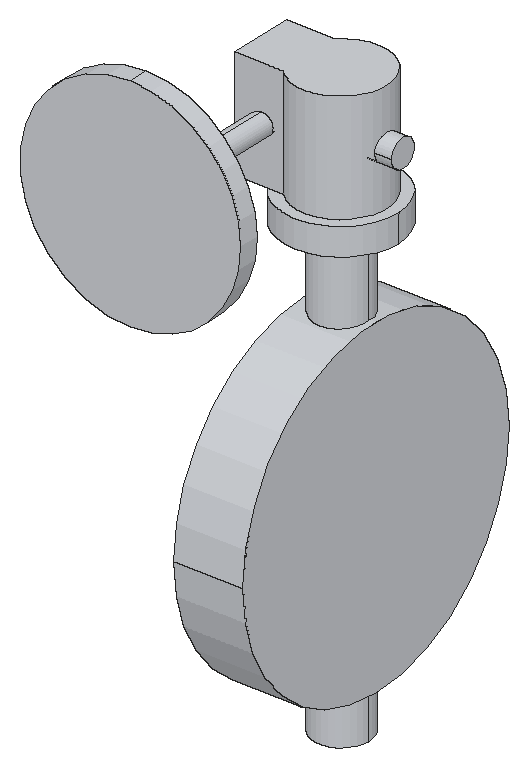
Revit family "HS497-67_disk-litina-převodové kolo DN300-RFA_2019", category Pipe Accessories, Revit 2019
Family settings
  Round Connector Dimension = Use Diameter
  Part Type = Valve - Breaks Into
  Work Plane-Based = No
  Always vertical = Yes
  Cut with Voids When Loaded = No
  Shared = No
Parameters (values of type "HS 497-67_DN300_PN16_převodové kolo")
  magiProductId = "6860f094f77d42088fbebc3c97f755"
  magiProductFamilyId = "53cea81e6f374d17b8841d9c72ad77"
  magiPartTypeId = 305
  isMeasuringValve [instance] = no
  ang2D [instance] = 0.00°
  X11 = 88.77 mm
  X1 = 36.77 mm
  W2D = 1000 mm
  VersionID = "2.0/2017.9.26.1/ZETKAMA_497_001"
  Use Minimum Symbol Size [instance] = yes
  URL = "http://www.hydronic.cz"
  Type Comments = "mezipřírubová; litinový disk; PN16; -10~+110°C (krátkodobě +120°C)"
  SW30 = yes
  SW3 = yes
  SW21 = no
  SW20 = no
  SW2 = no
  SW1 = no
  R = 150 mm
  QmdConnectorList = "301;D;302;D"
  Productdata [instance] = ""
  NC = 70 mm
  Model = ""
  Manufacturer = "Hydronic Systems Prague s.r.o."
  MM20 = 36.77 mm
  MC Product Code = "125 300 (litinový disk, s převodovým kolem; DN300; PN16, kvs7037)"
  M41 = 91.5 mm
  M4 = 61 mm
  LHL = 220 mm
  LHH3 = 2.45 mm
  LHH1 = 46.55 mm
  LH1 = 73.333 mm
  L4R__ve = -L4R  # -22.2 mm
  L4R = 22.2 mm
  L42__ve = -L42  # -166.5 mm
  L42 = 166.5 mm
  L41__ve = -L41  # -33.3 mm
  L41 = 33.3 mm
  L2D_Min = 3048 mm
  L2D = 216 mm
  L2 = 39 mm
  L1 = 62.4 mm
  L = 78 mm
  H = 23 mm
  G22 = 11.25 mm
  G2 = 22.5 mm
  G1 = 90 mm
  G = 130 mm
  F = 22 mm
  E44 = 62.5 mm
  E42 = 125 mm
  E4 = 250 mm
  E23 = 4.9 mm
  E22 = 19.6 mm
  E21 = 9.8 mm
  Description = "Mezipřírubová uzavírací klapka s převodovým kolem; litinový disk, DN300; PN16; kvs7037"
  DR2 = 150 mm
  DR = 376 mm
  DD1 = 31.25 mm
  DD = 25 mm
  D = 300 mm
  CAT0 = yes
  B2__ve = -B2  # -90 mm
  B2 = 90 mm
  A2 = 30.8 mm
  A1 = 127.2 mm
Types (43, lengths in mm): name | magiProductId | X11 | X1 | Type Comments | SW30 | SW3 | SW20 | SW2 | SW1 | R | NC | MM20 | MC Product Code | M41 | M4 | LHL | LHH3 | LHH1 | LH1 | L4R__ve | L4R | L42__ve | L42 | L41__ve | L41 | L2 | L1 | L | H | G | F | E44 | E42 | E4 | E23 | E22 | E21 | Description | DR2 | DR | DD1 | DD | D | B2__ve | B2 | A2 | A1
  HS 497-67_DN100_PN16_volné vřeteno | "65d1b245f4f142c78569c0602d5754" | 61.456 | 25.456 | "mezipřírubová; litinový disk; PN16; -10~+110°C (krátkodobě +120°C)" | no | no | no | no | yes | 50 | 50 | 25.456 | "123 100 (litinový disk, s volným vřetenem; DN100; PN16, kvs512)" | 66 | 44 | 220 | 2.45 | 46.55 | 73.333 | -12.8 | 12.8 | -96 | 96 | -19.2 | 19.2 | 26 | 41.6 | 52 | 30 | 90 | 11 | 31.25 | 62.5 | 125 | 4.9 | 19.6 | 9.8 | "Mezipřírubová uzavírací klapka s volným vřetenem; litinový disk, DN100; PN16; kvs512" | 50 | 147 | 15.625 | 12.5 | 100 | -56 | 56 | 16.5 | 98.5
  HS 497-67_DN100_PN16_převodové kolo | "11e91b807e674d428c8e796fcdcfe2" | 61.456 | 25.456 | "mezipřírubová; litinový disk; PN16; -10~+110°C (krátkodobě +120°C)" | yes | yes | no | no | no | 50 | 50 | 25.456 | "125 100 (litinový disk, s převodovým kolem; DN100; PN16, kvs512)" | 65.25 | 43.5 | 220 | 2.45 | 46.55 | 73.333 | -12.8 | 12.8 | -96 | 96 | -19.2 | 19.2 | 26 | 41.6 | 52 | 30 | 90 | 11 | 31.25 | 62.5 | 125 | 4.9 | 19.6 | 9.8 | "Mezipřírubová uzavírací klapka s převodovým kolem; litinový disk, DN100; PN16; kvs512" | 50 | 147 | 15.625 | 12.5 | 100 | -56 | 56 | 16.5 | 98.5
  HS 497-67_DN100_PN16_s pákou | "28172f0b3f4b47b28323ac71cf8749" | 61.456 | 25.456 | "mezipřírubová; litinový disk; PN16; -10~+110°C (krátkodobě +120°C)" | no | no | yes | yes | no | 50 | 50 | 25.456 | "120 100 (litinový disk, s pákou; DN100; PN16, kvs512)" | 66 | 44 | 260 | 3 | 57 | 86.667 | -12.8 | 12.8 | -96 | 96 | -19.2 | 19.2 | 26 | 41.6 | 52 | 30 | 90 | 11 | 31.25 | 62.5 | 125 | 6 | 24 | 12 | "Mezipřírubová uzavírací klapka s pákou; litinový disk, DN100; PN16; kvs512" | 50 | 147 | 15.625 | 12.5 | 100 | -56 | 56 | 16.5 | 98.5
  HS 497-67_DN125_PN16_volné vřeteno | "0d813d910fc14f628bb3c2efbd185c" | 61.456 | 25.456 | "mezipřírubová; litinový disk; PN16; -10~+110°C (krátkodobě +120°C)" | no | no | no | no | yes | 62.5 | 50 | 25.456 | "123 125 (litinový disk, s volným vřetenem; DN125; PN16, kvs872)" | 66 | 44 | 220 | 2.45 | 46.55 | 73.333 | -12.8 | 12.8 | -96 | 96 | -19.2 | 19.2 | 28 | 44.8 | 56 | 33 | 90 | 14 | 31.25 | 62.5 | 125 | 4.9 | 19.6 | 9.8 | "Mezipřírubová uzavírací klapka s volným vřetenem; litinový disk, DN125; PN16; kvs872" | 62.5 | 180 | 15.625 | 12.5 | 125 | -64 | 64 | 18 | 99.5
  HS 497-67_DN125_PN16_převodové kolo | "c56b7c13f372467684996fb1e0e229" | 61.456 | 25.456 | "mezipřírubová; litinový disk; PN16; -10~+110°C (krátkodobě +120°C)" | yes | yes | no | no | no | 62.5 | 50 | 25.456 | "125 125 (litinový disk, s převodovým kolem; DN125; PN16, kvs872)" | 65.25 | 43.5 | 220 | 2.45 | 46.55 | 73.333 | -13.5 | 13.5 | -101.25 | 101.25 | -20.25 | 20.25 | 28 | 44.8 | 56 | 33 | 90 | 14 | 40 | 80 | 160 | 4.9 | 19.6 | 9.8 | "Mezipřírubová uzavírací klapka s převodovým kolem; litinový disk, DN125; PN16; kvs872" | 62.5 | 180 | 20 | 16 | 125 | -64 | 64 | 18 | 99.5
  HS 497-67_DN125_PN16_s pákou | "105993c79a91492399feef7931321a" | 61.456 | 25.456 | "mezipřírubová; litinový disk; PN16; -10~+110°C (krátkodobě +120°C)" | no | no | yes | yes | no | 62.5 | 50 | 25.456 | "120 125 (litinový disk, s pákou; DN125; PN16, kvs872)" | 66 | 44 | 315 | 3.75 | 71.25 | 105 | -12.8 | 12.8 | -96 | 96 | -19.2 | 19.2 | 28 | 44.8 | 56 | 33 | 90 | 14 | 31.25 | 62.5 | 125 | 7.5 | 30 | 15 | "Mezipřírubová uzavírací klapka s pákou; litinový disk, DN125; PN16; kvs872" | 62.5 | 180 | 15.625 | 12.5 | 125 | -64 | 64 | 18 | 99.5
  HS 497-67_DN150_PN16_volné vřeteno | "50c80cb8ab434f55ab7796e5ac1331" | 61.456 | 25.456 | "mezipřírubová; litinový disk; PN16; -10~+110°C (krátkodobě +120°C)" | no | no | no | no | yes | 75 | 50 | 25.456 | "123 150 (litinový disk, s volným vřetenem; DN150; PN16, kvs1347)" | 66 | 44 | 220 | 2.45 | 46.55 | 73.333 | -12.8 | 12.8 | -96 | 96 | -19.2 | 19.2 | 28 | 44.8 | 56 | 33 | 90 | 14 | 31.25 | 62.5 | 125 | 4.9 | 19.6 | 9.8 | "Mezipřírubová uzavírací klapka s volným vřetenem; litinový disk, DN150; PN16; kvs1347" | 75 | 206 | 15.625 | 12.5 | 150 | -58 | 58 | 19.3 | 98.7
  HS 497-67_DN150_PN16_převodové kolo | "d94a1a0cf83b476eb10011b327f709" | 61.456 | 25.456 | "mezipřírubová; litinový disk; PN16; -10~+110°C (krátkodobě +120°C)" | yes | yes | no | no | no | 75 | 50 | 25.456 | "125 150 (litinový disk, s převodovým kolem; DN150; PN16, kvs1347)" | 65.25 | 43.5 | 220 | 2.45 | 46.55 | 73.333 | -13.5 | 13.5 | -101.25 | 101.25 | -20.25 | 20.25 | 28 | 44.8 | 56 | 33 | 90 | 14 | 40 | 80 | 160 | 4.9 | 19.6 | 9.8 | "Mezipřírubová uzavírací klapka s převodovým kolem; litinový disk, DN150; PN16; kvs1347" | 75 | 206 | 20 | 16 | 150 | -58 | 58 | 19.3 | 98.7
  HS 497-67_DN150_PN16_s pákou | "4d2835523fe84828bc50ff0a5a0dfb" | 61.456 | 25.456 | "mezipřírubová; litinový disk; PN16; -10~+110°C (krátkodobě +120°C)" | no | no | yes | yes | no | 75 | 50 | 25.456 | "120 150 (litinový disk, s pákou; DN150; PN16, kvs1347)" | 66 | 44 | 315 | 3.75 | 71.25 | 105 | -12.8 | 12.8 | -96 | 96 | -19.2 | 19.2 | 28 | 44.8 | 56 | 33 | 90 | 14 | 31.25 | 62.5 | 125 | 7.5 | 30 | 15 | "Mezipřírubová uzavírací klapka s pákou; litinový disk, DN150; PN16; kvs1347" | 75 | 206 | 15.625 | 12.5 | 150 | -58 | 58 | 19.3 | 98.7
  HS 497-67_DN200_PN16_volné vřeteno | "5b29029eaeba47139ee1055a4b9201" | 61.456 | 25.456 | "mezipřírubová; litinový disk; PN16; -10~+110°C (krátkodobě +120°C)" | no | no | no | no | yes | 100 | 50 | 25.456 | "123 200 (litinový disk, s volným vřetenem; DN200; PN16, kvs2675)" | 66 | 44 | 220 | 2.45 | 46.55 | 73.333 | -12.8 | 12.8 | -96 | 96 | -19.2 | 19.2 | 30 | 48 | 60 | 33 | 90 | 17 | 31.25 | 62.5 | 125 | 4.9 | 19.6 | 9.8 | "Mezipřírubová uzavírací klapka s volným vřetenem; litinový disk, DN200; PN16; kvs2675" | 100 | 257 | 15.625 | 12.5 | 200 | -70 | 70 | 22.5 | 102.5
  HS 497-67_DN200_PN16_převodové kolo | "b2793cc1fcc44cf2a35062cd67c04f" | 61.456 | 25.456 | "mezipřírubová; litinový disk; PN16; -10~+110°C (krátkodobě +120°C)" | yes | yes | no | no | no | 100 | 57 | 25.456 | "125 200 (litinový disk, s převodovým kolem; DN200; PN16, kvs2675)" | 78.75 | 52.5 | 220 | 2.45 | 46.55 | 73.333 | -15.2 | 15.2 | -114 | 114 | -22.8 | 22.8 | 30 | 48 | 60 | 33 | 90 | 17 | 50 | 100 | 200 | 4.9 | 19.6 | 9.8 | "Mezipřírubová uzavírací klapka s převodovým kolem; litinový disk, DN200; PN16; kvs2675" | 100 | 257 | 25 | 20 | 200 | -70 | 70 | 22.5 | 102.5
  HS 497-67_DN200_PN16_s pákou | "f88d96c7af224537a51e72d7d8fffe" | 61.456 | 25.456 | "mezipřírubová; litinový disk; PN16; -10~+110°C (krátkodobě +120°C)" | no | no | yes | yes | no | 100 | 50 | 25.456 | "120 200 (litinový disk, s pákou; DN200; PN16, kvs2675)" | 66 | 44 | 315 | 3.75 | 71.25 | 105 | -12.8 | 12.8 | -96 | 96 | -19.2 | 19.2 | 30 | 48 | 60 | 33 | 90 | 17 | 31.25 | 62.5 | 125 | 7.5 | 30 | 15 | "Mezipřírubová uzavírací klapka s pákou; litinový disk, DN200; PN16; kvs2675" | 100 | 257 | 15.625 | 12.5 | 200 | -70 | 70 | 22.5 | 102.5
  HS 497-67_DN250_PN16_volné vřeteno | "b662e8305ca2402b9c510e66e6aa55" | 88.77 | 36.77 | "mezipřírubová; litinový disk; PN16; -10~+110°C (krátkodobě +120°C)" | no | no | no | no | yes | 125 | 50 | 36.77 | "123 250 (litinový disk, s volným vřetenem; DN250; PN16, kvs4555)" | 66 | 44 | 220 | 2.45 | 46.55 | 73.333 | -12.8 | 12.8 | -96 | 96 | -19.2 | 19.2 | 34 | 54.4 | 68 | 23 | 130 | 22 | 31.25 | 62.5 | 125 | 4.9 | 19.6 | 9.8 | "Mezipřírubová uzavírací klapka s volným vřetenem; litinový disk, DN250; PN16; kvs4555" | 125 | 324 | 15.625 | 12.5 | 250 | -85 | 85 | 28.25 | 129.25
  HS 497-67_DN250_PN16_převodové kolo | "5ee9016806664ddfaa2632711f295c" | 88.77 | 36.77 | "mezipřírubová; litinový disk; PN16; -10~+110°C (krátkodobě +120°C)" | yes | yes | no | no | no | 125 | 70 | 36.77 | "125 250 (litinový disk, s převodovým kolem; DN250; PN16, kvs4555)" | 91.5 | 61 | 220 | 2.45 | 46.55 | 73.333 | -22.2 | 22.2 | -166.5 | 166.5 | -33.3 | 33.3 | 34 | 54.4 | 68 | 23 | 130 | 22 | 62.5 | 125 | 250 | 4.9 | 19.6 | 9.8 | "Mezipřírubová uzavírací klapka s převodovým kolem; litinový disk, DN250; PN16; kvs4555" | 125 | 324 | 31.25 | 25 | 250 | -85 | 85 | 28.25 | 129.25
  HS 497-67_DN300_PN16_volné vřeteno | "e1886f51ff004380a649519258edf2" | 88.77 | 36.77 | "mezipřírubová; litinový disk; PN16; -10~+110°C (krátkodobě +120°C)" | no | no | no | no | yes | 150 | 50 | 36.77 | "123 300 (litinový disk, s volným vřetenem; DN300; PN16, kvs7037)" | 66 | 44 | 220 | 2.45 | 46.55 | 73.333 | -12.8 | 12.8 | -96 | 96 | -19.2 | 19.2 | 39 | 62.4 | 78 | 23 | 130 | 22 | 31.25 | 62.5 | 125 | 4.9 | 19.6 | 9.8 | "Mezipřírubová uzavírací klapka s volným vřetenem; litinový disk, DN300; PN16; kvs7037" | 150 | 376 | 15.625 | 12.5 | 300 | -90 | 90 | 30.8 | 127.2
  HS 497-67_DN300_PN16_převodové kolo | "6860f094f77d42088fbebc3c97f755" | 88.77 | 36.77 | "mezipřírubová; litinový disk; PN16; -10~+110°C (krátkodobě +120°C)" | yes | yes | no | no | no | 150 | 70 | 36.77 | "125 300 (litinový disk, s převodovým kolem; DN300; PN16, kvs7037)" | 91.5 | 61 | 220 | 2.45 | 46.55 | 73.333 | -22.2 | 22.2 | -166.5 | 166.5 | -33.3 | 33.3 | 39 | 62.4 | 78 | 23 | 130 | 22 | 62.5 | 125 | 250 | 4.9 | 19.6 | 9.8 | "Mezipřírubová uzavírací klapka s převodovým kolem; litinový disk, DN300; PN16; kvs7037" | 150 | 376 | 31.25 | 25 | 300 | -90 | 90 | 30.8 | 127.2
  HS 497-67_DN032_PN16_volné vřeteno | "8c5f65de52aa4067a77564107e31b2" | 61.456 | 25.456 | "mezipřírubová; litinový disk; PN16; -10~+110°C (krátkodobě +120°C)" | no | no | no | no | yes | 16 | 50 | 25.456 | "123 032 (litinový disk, s volným vřetenem; DN32; PN16, kvs78)" | 66 | 44 | 220 | 2.45 | 46.55 | 73.333 | -12.8 | 12.8 | -96 | 96 | -19.2 | 19.2 | 16.5 | 26.4 | 33 | 30 | 90 | 11 | 31.25 | 62.5 | 125 | 4.9 | 19.6 | 9.8 | "Mezipřírubová uzavírací klapka s volným vřetenem; litinový disk, DN32; PN16; kvs78" | 16 | 68 | 15.625 | 12.5 | 32 | -44.2 | 44.2 | 10.25 | 76.25
  HS 497-67_DN032_PN16_převodové kolo | "60aaeffa8b3a4e809ef000e4660060" | 61.456 | 25.456 | "mezipřírubová; litinový disk; PN16; -10~+110°C (krátkodobě +120°C)" | yes | yes | no | no | no | 16 | 50 | 25.456 | "125 032 (litinový disk, s převodovým kolem; DN32; PN16, kvs78)" | 65.25 | 43.5 | 220 | 2.45 | 46.55 | 73.333 | -12.8 | 12.8 | -96 | 96 | -19.2 | 19.2 | 16.5 | 26.4 | 33 | 30 | 90 | 11 | 31.25 | 62.5 | 125 | 4.9 | 19.6 | 9.8 | "Mezipřírubová uzavírací klapka s převodovým kolem; litinový disk, DN32; PN16; kvs78" | 16 | 68 | 15.625 | 12.5 | 32 | -44.2 | 44.2 | 10.25 | 76.25
  HS 497-67_DN032_PN16_s pákou | "9ad8088d610749a1b871aa2aad8007" | 61.456 | 25.456 | "mezipřírubová; litinový disk; PN16; -10~+110°C (krátkodobě +120°C)" | no | no | yes | yes | no | 16 | 50 | 25.456 | "120 032 (litinový disk, s pákou; DN32; PN16, kvs78)" | 66 | 44 | 220 | 2.45 | 46.55 | 73.333 | -12.8 | 12.8 | -96 | 96 | -19.2 | 19.2 | 16.5 | 26.4 | 33 | 30 | 90 | 11 | 31.25 | 62.5 | 125 | 4.9 | 19.6 | 9.8 | "Mezipřírubová uzavírací klapka s pákou; litinový disk, DN32; PN16; kvs78" | 16 | 68 | 15.625 | 12.5 | 32 | -44.2 | 44.2 | 10.25 | 76.25
  HS 497-67_DN350_PN10_volné vřeteno | "72a1e05f22944421b7e9596a877137" | 109.255 | 45.255 | "mezipřírubová; litinový disk; PN10; -10~+110°C (krátkodobě +120°C)" | no | no | no | no | yes | 175 | 50 | 45.255 | "123 350 (litinový disk, s volným vřetenem; DN350; PN10, kvs10165)" | 66 | 44 | 220 | 2.45 | 46.55 | 73.333 | -12.8 | 12.8 | -96 | 96 | -19.2 | 19.2 | 39 | 62.4 | 78 | 31 | 160 | 22 | 31.25 | 62.5 | 125 | 4.9 | 19.6 | 9.8 | "Mezipřírubová uzavírací klapka s volným vřetenem; litinový disk, DN350; PN10; kvs10165" | 175 | 430 | 15.625 | 12.5 | 350 | -88 | 88 | 33.85 | 129.65
  HS 497-67_DN350_PN10_převodové kolo | "a5a01426cb28494ba3afca92f1dace" | 109.255 | 45.255 | "mezipřírubová; litinový disk; PN10; -10~+110°C (krátkodobě +120°C)" | yes | yes | no | no | no | 175 | 70 | 45.255 | "125 350 (litinový disk, s převodovým kolem; DN350; PN10, kvs10165)" | 91.5 | 61 | 220 | 2.45 | 46.55 | 73.333 | -22.2 | 22.2 | -166.5 | 166.5 | -33.3 | 33.3 | 39 | 62.4 | 78 | 31 | 160 | 22 | 62.5 | 125 | 250 | 4.9 | 19.6 | 9.8 | "Mezipřírubová uzavírací klapka s převodovým kolem; litinový disk, DN350; PN10; kvs10165" | 175 | 430 | 31.25 | 25 | 350 | -88 | 88 | 33.85 | 129.65
  HS 497-67_DN400_PN10_volné vřeteno | "c70ebeb927c04ab99b176e257ad0a7" | 109.255 | 45.255 | "mezipřírubová; litinový disk; PN10; -10~+110°C (krátkodobě +120°C)" | no | no | no | no | yes | 200 | 50 | 45.255 | "123 400 (litinový disk, s volným vřetenem; DN400; PN10, kvs13799)" | 66 | 44 | 220 | 2.45 | 46.55 | 73.333 | -12.8 | 12.8 | -96 | 96 | -19.2 | 19.2 | 51 | 81.6 | 102 | 31 | 160 | 27 | 31.25 | 62.5 | 125 | 4.9 | 19.6 | 9.8 | "Mezipřírubová uzavírací klapka s volným vřetenem; litinový disk, DN400; PN10; kvs13799" | 200 | 485 | 15.625 | 12.5 | 400 | -108 | 108 | 38 | 142
  HS 497-67_DN400_PN10_převodové kolo | "cc64a4384dcb41b780d81810f4f293" | 109.255 | 45.255 | "mezipřírubová; litinový disk; PN10; -10~+110°C (krátkodobě +120°C)" | yes | yes | no | no | no | 200 | 72.5 | 45.255 | "125 400 (litinový disk, s převodovým kolem; DN400; PN10, kvs13799)" | 103.5 | 69 | 220 | 2.45 | 46.55 | 73.333 | -27.8 | 27.8 | -208.5 | 208.5 | -41.7 | 41.7 | 51 | 81.6 | 102 | 31 | 160 | 27 | 75 | 150 | 300 | 4.9 | 19.6 | 9.8 | "Mezipřírubová uzavírací klapka s převodovým kolem; litinový disk, DN400; PN10; kvs13799" | 200 | 485 | 37.5 | 30 | 400 | -108 | 108 | 38 | 142
  HS 497-67_DN040_PN16_volné vřeteno | "35f92312390745e88df5b5c325d9ee" | 61.456 | 25.456 | "mezipřírubová; litinový disk; PN16; -10~+110°C (krátkodobě +120°C)" | no | no | no | no | yes | 20 | 50 | 25.456 | "123 040 (litinový disk, s volným vřetenem; DN40; PN16, kvs78)" | 66 | 44 | 220 | 2.45 | 46.55 | 73.333 | -12.8 | 12.8 | -96 | 96 | -19.2 | 19.2 | 16.5 | 26.4 | 33 | 30 | 90 | 11 | 31.25 | 62.5 | 125 | 4.9 | 19.6 | 9.8 | "Mezipřírubová uzavírací klapka s volným vřetenem; litinový disk, DN40; PN16; kvs78" | 20 | 76 | 15.625 | 12.5 | 40 | -36 | 36 | 11 | 79
  HS 497-67_DN040_PN16_převodové kolo | "d88e968eae3445bc9b7b4e6ff35127" | 61.456 | 25.456 | "mezipřírubová; litinový disk; PN16; -10~+110°C (krátkodobě +120°C)" | yes | yes | no | no | no | 20 | 50 | 25.456 | "125 040 (litinový disk, s převodovým kolem; DN40; PN16, kvs78)" | 65.25 | 43.5 | 220 | 2.45 | 46.55 | 73.333 | -12.8 | 12.8 | -96 | 96 | -19.2 | 19.2 | 16.5 | 26.4 | 33 | 30 | 90 | 11 | 31.25 | 62.5 | 125 | 4.9 | 19.6 | 9.8 | "Mezipřírubová uzavírací klapka s převodovým kolem; litinový disk, DN40; PN16; kvs78" | 20 | 76 | 15.625 | 12.5 | 40 | -36 | 36 | 11 | 79
  HS 497-67_DN040_PN16_s pákou | "c1b522ca65b4407a98818f232eaacb" | 61.456 | 25.456 | "mezipřírubová; litinový disk; PN16; -10~+110°C (krátkodobě +120°C)" | no | no | yes | yes | no | 20 | 50 | 25.456 | "120 040 (litinový disk, s pákou; DN40; PN16, kvs78)" | 66 | 44 | 220 | 2.45 | 46.55 | 73.333 | -12.8 | 12.8 | -96 | 96 | -19.2 | 19.2 | 16.5 | 26.4 | 33 | 30 | 90 | 11 | 31.25 | 62.5 | 125 | 4.9 | 19.6 | 9.8 | "Mezipřírubová uzavírací klapka s pákou; litinový disk, DN40; PN16; kvs78" | 20 | 76 | 15.625 | 12.5 | 40 | -36 | 36 | 11 | 79
  HS 497-67_DN450_PN10_volné vřeteno | "a8358bc282f14872b3194e530e590a" | 129.74 | 53.74 | "mezipřírubová; litinový disk; PN10; -10~+110°C (krátkodobě +120°C)" | no | no | no | no | yes | 225 | 50 | 53.74 | "123 450 (litinový disk, s volným vřetenem; DN450; PN10, kvs18514)" | 66 | 44 | 220 | 2.45 | 46.55 | 73.333 | -12.8 | 12.8 | -96 | 96 | -19.2 | 19.2 | 57 | 91.2 | 114 | 38 | 190 | 36 | 31.25 | 62.5 | 125 | 4.9 | 19.6 | 9.8 | "Mezipřírubová uzavírací klapka s volným vřetenem; litinový disk, DN450; PN10; kvs18514" | 225 | 536 | 15.625 | 12.5 | 450 | -115 | 115 | 38.05 | 117.45
  HS 497-67_DN450_PN10_převodové kolo | "cdf2d80f54a9414f9cbe50647c0ebd" | 129.74 | 53.74 | "mezipřírubová; litinový disk; PN10; -10~+110°C (krátkodobě +120°C)" | yes | yes | no | no | no | 225 | 91.5 | 53.74 | "125 450 (litinový disk, s převodovým kolem; DN450; PN10, kvs18514)" | 144.75 | 96.5 | 220 | 2.45 | 46.55 | 73.333 | -32.1 | 32.1 | -240.75 | 240.75 | -48.15 | 48.15 | 57 | 91.2 | 114 | 38 | 190 | 36 | 100 | 200 | 400 | 4.9 | 19.6 | 9.8 | "Mezipřírubová uzavírací klapka s převodovým kolem; litinový disk, DN450; PN10; kvs18514" | 225 | 536 | 50 | 40 | 450 | -115 | 115 | 38.05 | 117.45
  HS 497-67_DN500_PN10_volné vřeteno | "8c396e27bb2743f98f3c762b6517cd" | 143.397 | 59.397 | "mezipřírubová; litinový disk; PN10; -10~+110°C (krátkodobě +120°C)" | no | no | no | no | yes | 250 | 50 | 59.397 | "123 500 (litinový disk, s volným vřetenem; DN500; PN10, kvs23805)" | 66 | 44 | 220 | 2.45 | 46.55 | 73.333 | -12.8 | 12.8 | -96 | 96 | -19.2 | 19.2 | 63.5 | 101.6 | 127 | 38 | 210 | 36 | 31.25 | 62.5 | 125 | 4.9 | 19.6 | 9.8 | "Mezipřírubová uzavírací klapka s volným vřetenem; litinový disk, DN500; PN10; kvs23805" | 250 | 593 | 15.625 | 12.5 | 500 | -130 | 130 | 43.25 | 139.25
  HS 497-67_DN500_PN10_převodové kolo | "7647804f32e94cef828a7034a91a46" | 143.397 | 59.397 | "mezipřírubová; litinový disk; PN10; -10~+110°C (krátkodobě +120°C)" | yes | yes | no | no | no | 250 | 91.5 | 59.397 | "125 500 (litinový disk, s převodovým kolem; DN500; PN10, kvs23805)" | 144.75 | 96.5 | 220 | 2.45 | 46.55 | 73.333 | -32.1 | 32.1 | -240.75 | 240.75 | -48.15 | 48.15 | 63.5 | 101.6 | 127 | 38 | 210 | 36 | 100 | 200 | 400 | 4.9 | 19.6 | 9.8 | "Mezipřírubová uzavírací klapka s převodovým kolem; litinový disk, DN500; PN10; kvs23805" | 250 | 593 | 50 | 40 | 500 | -130 | 130 | 43.25 | 139.25
  HS 497-67_DN050_volné vřeteno | "d71f296ecd6d4adf8f6e5d9853b4e0" | 61.456 | 25.456 | "mezipřírubová; litinový disk; PN16; -10~+110°C (krátkodobě +120°C)" | no | no | no | no | yes | 25 | 50 | 25.456 | "123 050 (litinový disk, s volným vřetenem; DN50; PN16, kvs98)" | 66 | 44 | 220 | 2.45 | 46.55 | 73.333 | -12.8 | 12.8 | -96 | 96 | -19.2 | 19.2 | 21.5 | 34.4 | 43 | 30 | 90 | 11 | 31.25 | 62.5 | 125 | 4.9 | 19.6 | 9.8 | "Mezipřírubová uzavírací klapka s volným vřetenem; litinový disk, DN50; PN16; kvs98" | 25 | 100 | 15.625 | 12.5 | 50 | -36.5 | 36.5 | 12 | 83
  HS 497-67_DN050_PN16_převodové kolo | "2fb080deeaed49c58418b94c1da5a4" | 61.456 | 25.456 | "mezipřírubová; litinový disk; PN16; -10~+110°C (krátkodobě +120°C)" | yes | yes | no | no | no | 25 | 50 | 25.456 | "125 050 (litinový disk, s převodovým kolem; DN50; PN16, kvs98)" | 65.25 | 43.5 | 220 | 2.45 | 46.55 | 73.333 | -12.8 | 12.8 | -96 | 96 | -19.2 | 19.2 | 21.5 | 34.4 | 43 | 30 | 90 | 11 | 31.25 | 62.5 | 125 | 4.9 | 19.6 | 9.8 | "Mezipřírubová uzavírací klapka s převodovým kolem; litinový disk, DN50; PN16; kvs98" | 25 | 100 | 15.625 | 12.5 | 50 | -36.5 | 36.5 | 12 | 83
  HS 497-67_DN050_PN16_s pákou | "dabc632061f94877a994b9b4e68112" | 61.456 | 25.456 | "mezipřírubová; litinový disk; PN16; -10~+110°C (krátkodobě +120°C)" | no | no | yes | yes | no | 25 | 50 | 25.456 | "120 050 (litinový disk, s pákou; DN50; PN16, kvs98)" | 66 | 44 | 220 | 2.45 | 46.55 | 73.333 | -12.8 | 12.8 | -96 | 96 | -19.2 | 19.2 | 21.5 | 34.4 | 43 | 30 | 90 | 11 | 31.25 | 62.5 | 125 | 4.9 | 19.6 | 9.8 | "Mezipřírubová uzavírací klapka s pákou; litinový disk, DN50; PN16; kvs98" | 25 | 100 | 15.625 | 12.5 | 50 | -36.5 | 36.5 | 12 | 83
  HS 497-67_DN600_PN10_volné vřeteno | "99d5892c14664fce81a7c5903f7711" | 143.397 | 59.397 | "mezipřírubová; litinový disk; PN10; -10~+110°C (krátkodobě +120°C)" | no | no | no | no | yes | 300 | 50 | 59.397 | "123 600 (litinový disk, s volným vřetenem; DN600; PN10, kvs36778)" | 66 | 44 | 220 | 2.45 | 46.55 | 73.333 | -12.8 | 12.8 | -96 | 96 | -19.2 | 19.2 | 77 | 123.2 | 154 | 80 | 210 | 60 | 31.25 | 62.5 | 125 | 4.9 | 19.6 | 9.8 | "Mezipřírubová uzavírací klapka s volným vřetenem; litinový disk, DN600; PN10; kvs36788" | 300 | 690 | 15.625 | 12.5 | 600 | -140 | 140 | 49.4 | 144.6
  HS 497-67_DN600_PN10_převodové kolo | "b1e26faab48a4c499f6bb11e7e3002" | 143.397 | 59.397 | "mezipřírubová; litinový disk; PN10; -10~+110°C (krátkodobě +120°C)" | yes | yes | no | no | no | 300 | 140 | 59.397 | "125 600 (litinový disk, s převodovým kolem; DN600; PN10, kvs36778)" | 206.25 | 137.5 | 220 | 2.45 | 46.55 | 73.333 | -40.8 | 40.8 | -306 | 306 | -61.2 | 61.2 | 77 | 123.2 | 154 | 80 | 210 | 60 | 125 | 250 | 500 | 4.9 | 19.6 | 9.8 | "Mezipřírubová uzavírací klapka s převodovým kolem; litinový disk, DN600; PN10; kvs36788" | 300 | 690 | 62.5 | 50 | 600 | -140 | 140 | 49.4 | 144.6
  HS 497-67_DN065_PN16_volné vřeteno | "5e5e208646e34ec29f889baab5d08e" | 61.456 | 25.456 | "mezipřírubová; litinový disk; PN16; -10~+110°C (krátkodobě +120°C)" | no | no | no | no | yes | 32.5 | 50 | 25.456 | "123 065 (litinový disk, s volným vřetenem; DN65; PN16, kvs167)" | 66 | 44 | 220 | 2.45 | 46.55 | 73.333 | -12.8 | 12.8 | -96 | 96 | -19.2 | 19.2 | 23 | 36.8 | 46 | 30 | 90 | 11 | 31.25 | 62.5 | 125 | 4.9 | 19.6 | 9.8 | "Mezipřírubová uzavírací klapka s volným vřetenem; litinový disk, DN65; PN16; kv167" | 32.5 | 108 | 15.625 | 12.5 | 65 | -36.5 | 36.5 | 13.5 | 89
  HS 497-67_DN065_PN16_převodové kolo | "654d74c8d15540b0bfe523d988ccb3" | 61.456 | 25.456 | "mezipřírubová; litinový disk; PN16; -10~+110°C (krátkodobě +120°C)" | yes | yes | no | no | no | 32.5 | 50 | 25.456 | "125 065 (litinový disk, s převodovým kolem; DN65; PN16, kvs167)" | 65.25 | 43.5 | 220 | 2.45 | 46.55 | 73.333 | -12.8 | 12.8 | -96 | 96 | -19.2 | 19.2 | 23 | 36.8 | 46 | 30 | 90 | 11 | 31.25 | 62.5 | 125 | 4.9 | 19.6 | 9.8 | "Mezipřírubová uzavírací klapka s převodovým kolem; litinový disk, DN65; PN16; kvs167" | 32.5 | 108 | 15.625 | 12.5 | 65 | -36.5 | 36.5 | 13.5 | 89
  HS 497-67_DN065_PN16_s pákou | "ebeb4b59db0641caaf6d6635ab37b9" | 61.456 | 25.456 | "mezipřírubová; litinový disk; PN16; -10~+110°C (krátkodobě +120°C)" | no | no | yes | yes | no | 32.5 | 50 | 25.456 | "120 065 (litinový disk, s pákou; DN65; PN16, kvs167)" | 66 | 44 | 220 | 2.45 | 46.55 | 73.333 | -12.8 | 12.8 | -96 | 96 | -19.2 | 19.2 | 23 | 36.8 | 46 | 30 | 90 | 11 | 31.25 | 62.5 | 125 | 4.9 | 19.6 | 9.8 | "Mezipřírubová uzavírací klapka s pákou; litinový disk, DN65; PN16; kvs167" | 32.5 | 108 | 15.625 | 12.5 | 65 | -36.5 | 36.5 | 13.5 | 89
  HS 497-67_DN080_PN16_volné vřeteno | "9e85c75c18654e1185a9c48ed6b00e" | 61.456 | 25.456 | "mezipřírubová; litinový disk; PN16; -10~+110°C (krátkodobě +120°C)" | no | no | no | no | yes | 40 | 50 | 25.456 | "123 080 (litinový disk, s volným vřetenem; DN80; PN16, kvs258)" | 66 | 44 | 220 | 2.45 | 46.55 | 73.333 | -12.8 | 12.8 | -96 | 96 | -19.2 | 19.2 | 23 | 36.8 | 46 | 30 | 90 | 11 | 31.25 | 62.5 | 125 | 4.9 | 19.6 | 9.8 | "Mezipřírubová uzavírací klapka s volným vřetenem; litinový disk, DN80; PN16; kvs258" | 40 | 124 | 15.625 | 12.5 | 80 | -54 | 54 | 14.1 | 86.9
  HS 497-67_DN080_PN16_převodové kolo | "5b3c8238c3d041e68c75b199e7ea46" | 61.456 | 25.456 | "mezipřírubová; litinový disk; PN16; -10~+110°C (krátkodobě +120°C)" | yes | yes | no | no | no | 40 | 50 | 25.456 | "125 080 (litinový disk, s převodovým kolem; DN80; PN16, kvs258)" | 65.25 | 43.5 | 220 | 2.45 | 46.55 | 73.333 | -12.8 | 12.8 | -96 | 96 | -19.2 | 19.2 | 23 | 36.8 | 46 | 30 | 90 | 11 | 31.25 | 62.5 | 125 | 4.9 | 19.6 | 9.8 | "Mezipřírubová uzavírací klapka s převodovým kolem; litinový disk, DN80; PN16; kvs258" | 40 | 124 | 15.625 | 12.5 | 80 | -54 | 54 | 14.1 | 86.9
  HS 497-67_DN080_PN16_s pákou | "e414795fab0f4eccb99bc3572c5477" | 61.456 | 25.456 | "mezipřírubová; litinový disk; PN16; -10~+110°C (krátkodobě +120°C)" | no | no | yes | yes | no | 40 | 50 | 25.456 | "120 080 (litinový disk, s pákou; DN80; PN16, kvs258)" | 66 | 44 | 260 | 3 | 57 | 86.667 | -12.8 | 12.8 | -96 | 96 | -19.2 | 19.2 | 23 | 36.8 | 46 | 30 | 90 | 11 | 31.25 | 62.5 | 125 | 6 | 24 | 12 | "Mezipřírubová uzavírací klapka s pákou; litinový disk, DN80; PN16; kvs258" | 40 | 124 | 15.625 | 12.5 | 80 | -54 | 54 | 14.1 | 86.9
  HS 497-67_DN250_PN16_s pákou | "" | 88.77 | 36.77 | "mezipřírubová; litinový disk; PN16; -10~+110°C (krátkodobě +120°C)" | no | no | yes | yes | no | 125 | 70 | 36.77 | "120 250 (litinový disk, s pákou; DN250; PN16, kvs4555)" | 91.5 | 61 | 220 | 2.45 | 46.55 | 73.333 | -22.2 | 22.2 | -166.5 | 166.5 | -33.3 | 33.3 | 34 | 54.4 | 68 | 23 | 130 | 22 | 62.5 | 125 | 250 | 4.9 | 19.6 | 9.8 | "Mezipřírubová uzavírací klapka s pákou; litinový disk, DN250; PN16; kvs4555" | 125 | 324 | 31.25 | 25 | 250 | -85 | 85 | 28.25 | 129.25
  HS 497-67_DN300_PN16_s pákou | "" | 88.77 | 36.77 | "mezipřírubová; litinový disk; PN16; -10~+110°C (krátkodobě +120°C)" | no | no | yes | yes | no | 150 | 70 | 36.77 | "120 300 (litinový disk, s pákou; DN300; PN16, kvs7037)" | 91.5 | 61 | 220 | 2.45 | 46.55 | 73.333 | -22.2 | 22.2 | -166.5 | 166.5 | -33.3 | 33.3 | 39 | 62.4 | 78 | 23 | 130 | 22 | 62.5 | 125 | 250 | 4.9 | 19.6 | 9.8 | "Mezipřírubová uzavírací klapka s pákou; litinový disk, DN300; PN16; kvs7037" | 150 | 376 | 31.25 | 25 | 300 | -90 | 90 | 30.8 | 127.2
Reference planes
  plane 1 "Center (Front/Back)": y = 0
  plane 2 "XYPLANE": z = 0
  plane 3 "Center (Left/Right)": x = 0
  plane 4 "473": x = -36.77
  plane 5 "472": x = -91.5
  plane 6 "471": y = -36.77
  plane 7 "470": y = 36.77
  plane 8 "469": x = -61
  plane 9 "468": y = -199.8
  plane 10 "467": y = -166.5
  plane 11 "466": z = 370.5
  plane 12 "465": z = 354.55
  plane 13 "464": y = 145.417
  plane 14 "463": z = 344.75
  plane 15 "462": z = 327.6
  plane 16 "461": z = 337.4
  plane 17 "460": y = 72.083
  plane 18 "459": x = -11.25
  plane 19 "458": x = 11.25
  plane 20 "457": y = -6.25
  plane 21 "456": x = -17.5
  plane 22 "455": x = 17.5
  plane 23 "454": z = 342.3
  plane 24 "453": y = 62.083
  plane 25 "452": y = -11.25
  plane 26 "451": x = -22.5
  plane 27 "450": x = 22.5
  plane 28 "449": z = 322.7
  plane 29 "448": z = 317.8
  plane 30 "447": z = -150
  plane 31 "446": z = 308
  plane 32 "445": z = 277.2
  plane 33 "444": z = 150
  plane 34 "443": x = 39
  plane 35 "442": x = -39
  plane 36 "441": z = 0
  plane 37 "440": y = 0
  plane 38 "439": x = 0
  plane 39 "438": z = 357
  plane 40 "437": z = 342.3
  plane 41 "436": x = 13.7
  plane 42 "435": x = -13.7
  plane 43 "434": y = 220
Forms (mm)
  Extrusion 1, solid, visible <- "SW3"
    sketch origin (-750, 0, 308) x (1, 0, 0) y (0, 1, 0)
      loop
        line (658.5, 36.77) -> (658.5, -36.77) -> (713.23, -36.77)
        arc (713.23, -36.77) -> (802, 0) -> (713.23, 36.77) r 52
        line (713.23, 36.77) -> (658.5, 36.77)
    from 0 to 125 <- "E42"
  Extrusion 2, solid, visible <- "SW30"
    sketch origin (0, -750, 0) x (0, 1, 0) y (0, 0, 1)
      loop
        circle (750, 370.5) r 15.625
    from 0 to 70 <- "NC"
  Extrusion 3, solid, visible <- "SW30"
    sketch origin (750, -199.8, 0) x (-1, 0, 0) y (0, 0, 1)
      loop
        circle (811, 370.5) r 125
    from 0 to -22.2 <- "L4R__ve"
  Extrusion 4, solid, visible <- "SW3"
    sketch origin (750, -166.5, 0) x (-1, 0, 0) y (0, 0, 1)
      loop
        circle (811, 370.5) r 15.625
    from 0 to -33.3 <- "L41__ve"
  Extrusion 5, solid, visible <- "SW30"
    sketch origin (750, 0, 0) x (-1, 0, 0) y (0, 0, 1)
      loop
        circle (811, 370.5) r 12.5
    from 0 to -166.5 <- "L42__ve"
  Blend 6, solid, visible <- "SW21"
    base sketch origin (750, 72.083, 0) x (-1, 0, 0) y (0, 0, 1)
      loop
        line (761.25, 337.4) -> (738.75, 337.4) -> (738.75, 327.6) -> (761.25, 327.6) -> (761.25, 337.4)
    top sketch origin (750, 72.083, 0) x (-1, 0, 0) y (0, 0, 1)
      loop
        line (761.25, 354.55) -> (738.75, 354.55) -> (738.75, 344.75) -> (761.25, 344.75) -> (761.25, 354.55)
    from 0 to 73.333
  Blend 7, solid, visible <- "SW21"
    base sketch origin (750, 62.083, 0) x (-1, 0, 0) y (0, 0, 1)
      loop
        line (761.25, 342.3) -> (738.75, 342.3) -> (738.75, 322.7) -> (761.25, 322.7) -> (761.25, 342.3)
    top sketch origin (750, 62.083, 0) x (-1, 0, 0) y (0, 0, 1)
      loop
        line (761.25, 337.4) -> (738.75, 337.4) -> (738.75, 327.6) -> (761.25, 327.6) -> (761.25, 337.4)
    from 0 to 10
  Blend 8, solid, visible <- "SW21"
    base sketch origin (-750, 0, 322.7) x (1, 0, 0) y (0, 1, 0)
      loop
        line (772.5, 62.083) -> (727.5, 62.083) -> (727.5, -11.25)
        arc (727.5, -11.25) -> (750, -31.25) -> (772.5, -11.25) r 22.656
        line (772.5, -11.25) -> (772.5, 62.083)
    top sketch origin (-750, 0, 322.7) x (1, 0, 0) y (0, 1, 0)
      loop
        line (767.5, 62.083) -> (732.5, 62.083) -> (732.5, -6.25)
        arc (732.5, -6.25) -> (750, -26.25) -> (767.5, -6.25) r 17.656
        line (767.5, -6.25) -> (767.5, 62.083)
    from 0 to 19.6
  Extrusion 9, solid, visible <- "SW2"
    sketch origin (-750, 0, 317.8) x (1, 0, 0) y (0, 1, 0)
      loop
        circle (750, 0) r 11.25
    from 0 to 4.9 <- "E23"
  Extrusion 10, solid, visible <- "SW2"
    sketch origin (-750, 0, 308) x (1, 0, 0) y (0, 1, 0)
      loop
        circle (750, 0) r 45
    from 0 to 9.8 <- "E21"
  Extrusion 11, solid, visible <- "CAT0"
    sketch origin (-750, 0, -150) x (1, 0, 0) y (0, 1, 0)
      loop
        circle (750, 0) r 31.2
    from 0 to -90 <- "B2__ve"
  Extrusion 12, solid, visible <- "CAT0"
    sketch origin (-750, 0, 277.2) x (1, 0, 0) y (0, 1, 0)
      loop
        circle (750, 0) r 65
    from 0 to 30.8 <- "A2"
  Extrusion 13, solid, visible <- "CAT0"
    sketch origin (-750, 0, 150) x (1, 0, 0) y (0, 1, 0)
      loop
        circle (750, 0) r 31.2
    from 0 to 127.2 <- "A1"
  Extrusion 14, solid, visible <- "CAT0"
    sketch origin (-39, -750, 0) x (0, 1, 0) y (0, 0, 1)
      loop
        circle (750, 0) r 188
    from 0 to 78 <- "L"
  Extrusion 15, solid, visible <- "SW1"
    sketch origin (-750, 0, 308) x (1, 0, 0) y (0, 1, 0)
      loop
        line (761, 11) -> (739, 11) -> (739, -11) -> (761, -11) -> (761, 11)
    from 0 to 23 <- "H"
  Blend 16, solid, visible <- "SW2"
    base sketch origin (750, 145.417, 0) x (-1, 0, 0) y (0, 0, 1)
      loop
        arc (763.7, 352) -> (762.236, 355.536) -> (758.7, 357) r 5
        line (758.7, 357) -> (741.3, 357)
        arc (741.3, 357) -> (737.764, 355.536) -> (736.3, 352) r 5
        line (736.3, 352) -> (736.3, 347.3)
        arc (736.3, 347.3) -> (737.764, 343.764) -> (741.3, 342.3) r 5
        line (741.3, 342.3) -> (758.7, 342.3)
        arc (758.7, 342.3) -> (762.236, 343.764) -> (763.7, 347.3) r 5
        line (763.7, 347.3) -> (763.7, 352)
    top sketch origin (750, 145.417, 0) x (-1, 0, 0) y (0, 0, 1)
      loop
        arc (763.7, 352) -> (762.236, 355.536) -> (758.7, 357) r 5
        line (758.7, 357) -> (741.3, 357)
        arc (741.3, 357) -> (737.764, 355.536) -> (736.3, 352) r 5
        line (736.3, 352) -> (736.3, 347.3)
        arc (736.3, 347.3) -> (737.764, 343.764) -> (741.3, 342.3) r 5
        line (741.3, 342.3) -> (758.7, 342.3)
        arc (758.7, 342.3) -> (762.236, 343.764) -> (763.7, 347.3) r 5
        line (763.7, 347.3) -> (763.7, 352)
    from 0 to 74.583
  Blend 17, solid, visible <- "SW20"
    base sketch origin (750, 145.417, 0) x (-1, 0, 0) y (0, 0, 1)
      loop
        line (763.7, 357) -> (736.3, 357) -> (736.3, 342.3) -> (763.7, 342.3) -> (763.7, 357)
    top sketch origin (750, 145.417, 0) x (-1, 0, 0) y (0, 0, 1)
      loop
        line (761.25, 342.3) -> (738.75, 342.3) -> (738.75, 322.7) -> (761.25, 322.7) -> (761.25, 342.3)
    from 0 to -83.333
  Extrusion 18, solid, visible <- "SW20"
    sketch origin (-750, 0, 322.7) x (1, 0, 0) y (0, 1, 0)
      loop
        line (772.5, 62.083) -> (727.5, 62.083) -> (727.5, -11.25)
        arc (727.5, -11.25) -> (750, -31.25) -> (772.5, -11.25) r 22.656
        line (772.5, -11.25) -> (772.5, 62.083)
    from 0 to 19.6 <- "E22"
  Extrusion 19, solid, not visible
    sketch origin (-39, -750, 0) x (0, 1, 0) y (0, 0, 1)
      loop
        circle (750, 0) r 10
    from 0 to 10
  Extrusion 20, solid, not visible
    sketch origin (39, -750, 0) x (0, 1, 0) y (0, 0, 1)
      loop
        circle (750, 0) r 10
    from 0 to -10
Lines and regions (mm)
  reference lines, not visible
    curve 1: circle (2, 2, 0) r 1 normal (0, 0, 1)
  reference lines
    curve 2: line (-36.77, -36.77, 308) -> (-36.77, 36.77, 308)
    curve 3: line (-17.5, -6.25, 322.7) -> (17.5, -6.25, 322.7)
    curve 4: line (-22.5, -11.25, 322.7) -> (22.5, -11.25, 322.7)
    curve 5: circle (0, 0, 308) r 1 normal (0, 0, 1)
    curve 6: line (-22.5, -11.25, 322.7) -> (22.5, -11.25, 322.7)
Dimensions and locks
  plane 1 "Center (Front/Back)" to curve 1 = 2 mm
  "X1": plane 3 "Center (Left/Right)" to plane 4 "473"
  "M41": plane 3 "Center (Left/Right)" to plane 5 "472"
  "MM20": plane 1 "Center (Front/Back)" to plane 6 "471"
  "MM20": plane 1 "Center (Front/Back)" to plane 7 "470"
  "M4": plane 3 "Center (Left/Right)" to plane 8 "469"
  "L41": plane 10 "467" to plane 9 "468"
  "L42": plane 1 "Center (Front/Back)" to plane 10 "467"
  "E44": plane 31 "446" to plane 11 "466"
  "LHH1": plane 31 "446" to plane 12 "465"
  "LH1": plane 17 "460" to plane 13 "464"
  "E21": plane 12 "465" to plane 14 "463"
  "E21": plane 16 "461" to plane 15 "462"
  "E23": plane 23 "454" to plane 16 "461"
  locked: plane 24 "453" to plane 17 "460" at 10
  "G22": plane 3 "Center (Left/Right)" to plane 18 "459"
  "G22": plane 3 "Center (Left/Right)" to plane 19 "458"
  locked: plane 25 "452" to plane 20 "457" at 5
  locked: plane 26 "451" to plane 21 "456" at 5
  locked: plane 27 "450" to plane 22 "455" at 5
  "E22": plane 28 "449" to plane 23 "454"
  "LH1": plane 25 "452" to plane 24 "453"
  "G22": plane 1 "Center (Front/Back)" to plane 25 "452"
  "G2": plane 3 "Center (Left/Right)" to plane 26 "451"
  "G2": plane 3 "Center (Left/Right)" to plane 27 "450"
  "E23": plane 29 "448" to plane 28 "449"
  "E21": plane 31 "446" to plane 29 "448"
  "R": plane 2 "XYPLANE" to plane 30 "447"
  "A2": plane 32 "445" to plane 31 "446"
  "A1": plane 33 "444" to plane 32 "445"
  "DR2": plane 2 "XYPLANE" to plane 33 "444"
  "L2": plane 3 "Center (Left/Right)" to plane 34 "443"
  "L2": plane 3 "Center (Left/Right)" to plane 35 "442"
  locked: plane 2 "XYPLANE" to plane 36 "441"
  locked: plane 1 "Center (Front/Back)" to plane 37 "440"
  locked: plane 3 "Center (Left/Right)" to plane 38 "439"
  "LHH3": plane 12 "465" to plane 39 "438"
  "LHH3": plane 14 "463" to plane 40 "437"
  "LHH3": plane 19 "458" to plane 41 "436"
  "LHH3": plane 18 "459" to plane 42 "435"
  "LHL": plane 1 "Center (Front/Back)" to plane 43 "434"
  "X11": curve 2 to Extrusion 1 sketch curve
  Extrusion 1 sketch curve to Extrusion 1 sketch curve = 0 mm  (x8)
  Blend 6 sketch curve to Blend 6 sketch curve = 0 mm  (x16)
  Blend 7 sketch curve to Blend 7 sketch curve = 0 mm  (x16)
  Blend 8 sketch curve to Blend 8 sketch curve = 0 mm  (x16)
  equal spacing: Extrusion 15 sketch curve, curve 5, Extrusion 15 sketch curve  (x2)
  "F": Extrusion 15 sketch curve to Extrusion 15 sketch curve  (x2)
  Blend 16 sketch curve to Blend 16 sketch curve = 0 mm  (x32)
  Blend 17 sketch curve to Blend 17 sketch curve = 0 mm  (x16)
  Extrusion 18 sketch curve to Extrusion 18 sketch curve = 0 mm  (x8)
  "DD1": diameter of Extrusion 2 sketch curve
  "E4": diameter of Extrusion 3 sketch curve
  "DD1": diameter of Extrusion 4 sketch curve
  "DD": diameter of Extrusion 5 sketch curve
  "G2": diameter of Extrusion 9 sketch curve
  "G1": diameter of Extrusion 10 sketch curve
  "L1": diameter of Extrusion 11 sketch curve
  "G": diameter of Extrusion 12 sketch curve
  "L1": diameter of Extrusion 13 sketch curve
  "DR": diameter of Extrusion 14 sketch curve
  radius of Blend 16 sketch curve = 5 mm  (x8)
  aligned and locked: level to plane 2 "XYPLANE"
  aligned and locked: Extrusion 1 sketch curve to plane 5 "472"
  aligned and locked: plane 7 "470" to Extrusion 1 sketch curve
  aligned and locked: plane 6 "471" to Extrusion 1 sketch curve
  aligned and locked: plane 5 "472" to Extrusion 1 sketch curve
  aligned and locked: plane 4 "473" to Extrusion 1 sketch curve  (x2)
  aligned and locked: plane 4 "473" to curve 2
  aligned and locked: plane 6 "471" to curve 2
  aligned and locked: plane 7 "470" to curve 2
  aligned and locked: Extrusion 1 sketch curve to plane 7 "470"
  aligned and locked: plane 11 "466" to Extrusion 2 sketch curve
  aligned and locked: plane 37 "440" to Extrusion 2 sketch curve
  aligned and locked: plane 8 "469" to Extrusion 3 sketch curve
  aligned and locked: plane 11 "466" to Extrusion 3 sketch curve
  aligned and locked: plane 8 "469" to Extrusion 4 sketch curve
  aligned and locked: plane 11 "466" to Extrusion 4 sketch curve
  aligned and locked: plane 8 "469" to Extrusion 5 sketch curve
  aligned and locked: plane 11 "466" to Extrusion 5 sketch curve
  aligned and locked: plane 12 "465" to Blend 6 sketch curve  (x2)
  aligned and locked: plane 18 "459" to Blend 6 sketch curve  (x4)
  aligned and locked: plane 19 "458" to Blend 6 sketch curve  (x4)
  aligned and locked: plane 14 "463" to Blend 6 sketch curve  (x2)
  aligned and locked: plane 16 "461" to Blend 6 sketch curve  (x2)
  aligned and locked: plane 15 "462" to Blend 6 sketch curve  (x2)
  aligned and locked: plane 13 "464" to Blend 6
  aligned and locked: plane 16 "461" to Blend 7 sketch curve  (x2)
  aligned and locked: plane 18 "459" to Blend 7 sketch curve  (x4)
  aligned and locked: plane 19 "458" to Blend 7 sketch curve  (x4)
  aligned and locked: plane 15 "462" to Blend 7 sketch curve  (x2)
  aligned and locked: plane 23 "454" to Blend 7 sketch curve  (x2)
  aligned and locked: plane 28 "449" to Blend 7 sketch curve  (x2)
  aligned and locked: plane 17 "460" to Blend 7
  aligned and locked: plane 24 "453" to Blend 8 sketch curve  (x4)
  aligned and locked: plane 22 "455" to Blend 8 sketch curve  (x2)
  aligned and locked: plane 21 "456" to Blend 8 sketch curve
  aligned and locked: plane 20 "457" to Blend 8 sketch curve  (x2)
  aligned and locked: curve 3 to plane 20 "457"
  aligned and locked: plane 21 "456" to curve 3
  aligned and locked: plane 22 "455" to curve 3
  aligned and locked: plane 27 "450" to Blend 8 sketch curve  (x2)
  aligned and locked: plane 26 "451" to Blend 8 sketch curve
  aligned and locked: plane 25 "452" to Blend 8 sketch curve  (x2)
  aligned and locked: curve 4 to plane 25 "452"
  aligned and locked: plane 26 "451" to curve 4
  aligned and locked: plane 27 "450" to curve 4
  aligned and locked: plane 23 "454" to Blend 8
  aligned and locked: plane 37 "440" to Extrusion 9 sketch curve
  aligned and locked: plane 38 "439" to Extrusion 9 sketch curve
  aligned and locked: plane 37 "440" to Extrusion 10 sketch curve
  aligned and locked: plane 38 "439" to Extrusion 10 sketch curve
  aligned and locked: plane 37 "440" to Extrusion 11 sketch curve
  aligned and locked: plane 38 "439" to Extrusion 11 sketch curve
  aligned and locked: plane 37 "440" to Extrusion 12 sketch curve
  aligned and locked: plane 38 "439" to Extrusion 12 sketch curve
  aligned and locked: plane 37 "440" to Extrusion 13 sketch curve
  aligned and locked: plane 38 "439" to Extrusion 13 sketch curve
  aligned and locked: plane 36 "441" to Extrusion 14 sketch curve
  aligned and locked: Extrusion 14 sketch curve to plane 37 "440"
  aligned and locked: plane 37 "440" to curve 5
  aligned and locked: plane 38 "439" to curve 5
  aligned and locked: plane 39 "438" to Blend 16 sketch curve  (x2)
  aligned and locked: plane 41 "436" to Blend 16 sketch curve  (x2)
  aligned and locked: Blend 16 sketch curve to plane 40 "437"  (x2)
  aligned and locked: Blend 16 sketch curve to plane 42 "435"  (x2)
  aligned and locked: plane 43 "434" to Blend 16
  aligned and locked: plane 23 "454" to Blend 17 sketch curve  (x2)
  aligned and locked: plane 18 "459" to Blend 17 sketch curve  (x2)
  aligned and locked: plane 19 "458" to Blend 17 sketch curve  (x2)
  aligned and locked: plane 28 "449" to Blend 17 sketch curve  (x2)
  aligned and locked: plane 39 "438" to Blend 17 sketch curve  (x2)
  aligned and locked: plane 42 "435" to Blend 17 sketch curve  (x2)
  aligned and locked: plane 41 "436" to Blend 17 sketch curve  (x2)
  aligned and locked: plane 40 "437" to Blend 17 sketch curve  (x2)
  aligned and locked: Blend 17 to plane 24 "453"
  aligned and locked: plane 24 "453" to Extrusion 18 sketch curve  (x2)
  aligned and locked: plane 27 "450" to Extrusion 18 sketch curve  (x2)
  aligned and locked: plane 26 "451" to Extrusion 18 sketch curve
  aligned and locked: plane 25 "452" to Extrusion 18 sketch curve  (x2)
  aligned and locked: curve 6 to plane 25 "452"
  aligned and locked: plane 26 "451" to curve 6
  aligned and locked: plane 27 "450" to curve 6
  aligned and locked: plane 36 "441" to Extrusion 19 sketch curve
  aligned and locked: Extrusion 19 sketch curve to plane 37 "440"
  aligned and locked: plane 36 "441" to Extrusion 20 sketch curve
  aligned and locked: Extrusion 20 sketch curve to plane 37 "440"
Automatic sketch dimensions
  Blend 8 sketch curve to plane 20 "457" = 2.344 mm  (x2)
  Extrusion 18 sketch curve to plane 20 "457" = 2.344 mm
  plane 25 "452" to Extrusion 19 sketch curve = 1.25 mm
  plane 25 "452" to Extrusion 20 sketch curve = 1.25 mm
  plane 3 "Center (Left/Right)" to curve 1 = 2 mm
  Extrusion 15 sketch curve to plane 3 "Center (Left/Right)" = 11 mm
  Extrusion 15 sketch curve to plane 20 "457" = 4.75 mm
  radius of curve 5 = 1 mm
  radius of curve 1 = 1 mm
Connectors
  piping at (-39, 0, 0), diameter 300, driven by "D"
    settings: on Extrusion 19, index 1, connector inside diameter 609.6 mm, connector length 0 mm, flow factor 0, pipe flow 0.0 L/s, pressure drop 0.0 Pa, fitting loss kfactor 0, connector angle 0.00°, fixture units 0, engagement length 0 mm, angle of deflection 0.00°, flow configuration 0, flow direction 0, fitting loss method 0, system type 29, joint type 0, gender type 0, connector reference index 2, connector utility 0, adjustable connector no, is connector primary yes, connector description ""
  piping at (39, 0, 0), diameter 300, driven by "D"
    settings: on Extrusion 20, index 2, connector inside diameter 609.6 mm, connector length 0 mm, flow factor 0, pipe flow 0.0 L/s, pressure drop 0.0 Pa, fitting loss kfactor 0, connector angle 0.00°, fixture units 0, engagement length 0 mm, angle of deflection 0.00°, flow configuration 0, flow direction 0, fitting loss method 0, system type 29, joint type 0, gender type 0, connector reference index 1, connector utility 0, adjustable connector no, is connector primary no, connector description ""
